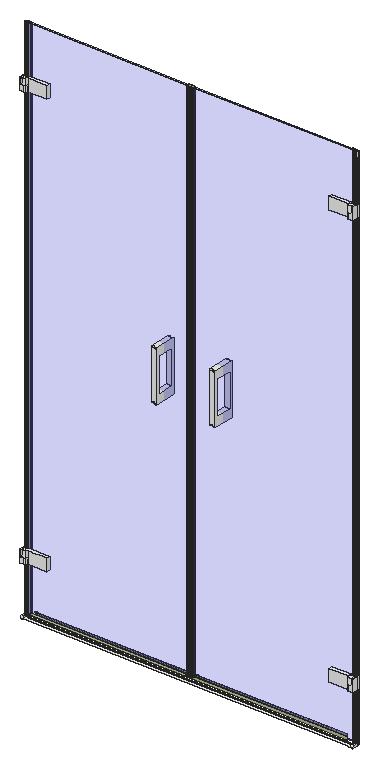
Revit family "PUR2", category Plumbing Fixtures, Revit 2015
Parameters (values of type "1250")
  Width fixed panel 2 = 0 mm
  Width fixed panel = 0 mm
  Seal = Seal
  Model = "PUR2"
  L1 = 1250 mm
  URL = "www.sanswiss.com"
  Type Comments = "PUR"
  Number of elements = 0
  Manufacturer = "SanSwiss"
  H = 2000 mm  # constant formula
  Glass = Glass
  Chrome = Chrome
  Aluminum = Aluminum
Types (7, lengths in mm): name | L1
  1000 | 1000
  800 | 800
  900 | 900
  750 | 750
  1100 | 1100
  1200 | 1200
  1250 | 1250
Reference planes
  plane 1: z = 0
  plane 2: x = -1102.662
  plane 3: x = 147.338
  plane 4: x = -477.662
  plane 5: z = 2000
Forms (mm)
  Extrusion 1, solid, material "Glass" <- "Glass"
    sketch origin (0, 0, 1816.828) x (0, -1, 0) y (1, 0, 0)
      loop
        line (-99.983, -487.109) -> (-99.983, -1086.062) -> (-91.983, -1086.062) -> (-91.983, -487.109) -> (-99.983, -487.109)
    from -1808.038 to 183.172
  Extrusion 2, solid, material "Seal" <- "Seal"
    sketch origin (-1107.24, 71.394, -4.21) x (0, 1, 0) y (0, 0, 1)
      loop
        line (37, 0.501) -> (35.481, 14.955)
        arc (35.481, 14.955) -> (35.762, 15.358) -> (36.252, 15.314) r 0.49
        line (36.252, 15.314) -> (38.541, 14.701) -> (38.5, 15.494)
        arc (38.5, 15.494) -> (38.327, 15.967) -> (37.919, 16.264) r 0.862
        line (37.919, 16.264) -> (32.1, 17.823) -> (31.337, 24.346)
        arc (31.337, 24.346) -> (30.793, 25.009) -> (29.964, 24.792) r 0.794
        line (29.964, 24.792) -> (31.219, 14.063)
        arc (31.219, 14.063) -> (30.907, 13.311) -> (30.156, 13) r 1.063
        line (30.156, 13) -> (17.622, 13)
        arc (17.622, 13) -> (16.976, 13.301) -> (16.792, 13.989) r 0.843
        line (16.792, 13.989) -> (18.046, 24.932)
        arc (18.046, 24.932) -> (17.173, 24.949) -> (16.668, 24.238) r 0.932
        line (16.668, 24.238) -> (15.512, 14.15)
        arc (15.512, 14.15) -> (16.075, 12.392) -> (17.764, 11.649) r 2.245
        line (17.764, 11.649) -> (30.224, 11.649)
        arc (30.224, 11.649) -> (31.727, 12.211) -> (32.493, 13.621) r 2.291
        line (32.493, 13.621) -> (32.397, 14.992)
        arc (32.397, 14.992) -> (32.478, 15.443) -> (32.907, 15.605) r 0.465
        line (32.907, 15.605) -> (33.879, 15.725)
        arc (33.879, 15.725) -> (34.29, 15.554) -> (34.46, 15.143) r 0.581
        line (34.46, 15.143) -> (36.01, 0.397)
        arc (36.01, 0.397) -> (36.557, -0.046) -> (37, 0.501) r 0.498
    from 32.313 to 1231.749
  Sweep 3, void
    path origin (-1155.857, 72.479, -3.891) x (1, 0, 0) y (0, 0, 1)
      loop
        line (1350.282, -6.043) -> (1350.282, 28.957)
    profile origin (194.424, 72.479, 7.566) x (-1, 0, 0) y (0, -1, 0)
      loop
        line (104.421, -42.503) -> (69.995, -8.077) -> (69.995, -42.503) -> (104.421, -42.503)
  Sweep 4, solid, material "Aluminum" <- "Aluminum"
    path origin (-1102.662, 0, 0) x (1, 0, 0) y (0, 0, 1)
      loop
        line (0, 0) -> (0, 2000)
    profile origin (-1102.662, 0, 1000) x (-1, 0, 0) y (0, -1, 0)
      loop
        line (0, -99.983) -> (0, -98.483) -> (-4.3, -98.483) -> (-4.3, -93.483) -> (0, -93.483) -> (0, -91.983) -> (-9, -91.983)
        arc (-9, -91.983) -> (-9.707, -92.276) -> (-10, -92.983) r 1
        line (-10, -92.983) -> (-10, -98.983)
        arc (-10, -98.983) -> (-9.707, -99.69) -> (-9, -99.983) r 1
        line (-9, -99.983) -> (0, -99.983)
  Sweep 5, solid, material "Seal" <- "Seal"
    path origin (0, 0, 0) x (1, 0, 0) y (0, 0, 1)
      loop
        line (-1102.662, 0) -> (-1102.662, 2000)
    profile origin (-1102.662, 0, 1000) x (-1, 0, 0) y (0, -1, 0)
      loop
        line (-7.016, -100.283) -> (-10, -100.283) -> (-10, -91.683) -> (-7.016, -91.683) -> (-5.046, -91.983)
        arc (-5.046, -91.983) -> (-5.101, -91.149) -> (-5.606, -90.483) r 1.451
        line (-5.606, -90.483) -> (-9.7, -90.483)
        arc (-9.7, -90.483) -> (-10.761, -90.922) -> (-11.2, -91.983) r 1.5
        line (-11.2, -91.983) -> (-11.2, -98.983) -> (-11.403, -100.426)
        arc (-11.403, -100.426) -> (-16.865, -101.565) -> (-22.258, -100.131) r 12.094
        arc (-22.258, -100.131) -> (-23.075, -100.377) -> (-22.829, -101.194) r 0.603
        arc (-22.829, -101.194) -> (-16.591, -102.965) -> (-10.311, -101.353) r 12.424
        arc (-10.311, -101.353) -> (-9.892, -101.467) -> (-9.458, -101.473) r 1.727
        line (-9.458, -101.473) -> (-5.865, -101.473)
        arc (-5.865, -101.473) -> (-5.12, -100.914) -> (-5.106, -99.983) r 1.057
        line (-5.106, -99.983) -> (-7.016, -100.283)
  Sweep 6, solid, material "Seal" <- "Seal"
    path origin (-1527.343, 308.346, -5.284) x (1, 0, 0) y (0, 0, 1)
      loop
        line (1076.329, 2005.284) -> (1076.329, 19.284)
    profile origin (-451.014, 308.346, 1007) x (0, -1, 0) y (1, 0, 0)
      loop
        arc (206.867, -39.075) -> (207.375, -39.924) -> (208.363, -39.879) r 0.964
        line (208.363, -39.879) -> (208.363, -38.271) -> (208.063, -37.446) -> (208.063, -35.048) -> (216.663, -35.048) -> (216.663, -37.446) -> (216.363, -38.271) -> (216.363, -39.879)
        arc (216.363, -39.879) -> (217.352, -39.924) -> (217.86, -39.075) r 0.964
        line (217.86, -39.075) -> (217.86, -35.348) -> (217.524, -34.425) -> (218.291, -32.782)
        arc (218.291, -32.782) -> (218.844, -30.956) -> (218.863, -29.048) r 6.738
        arc (218.863, -29.048) -> (218.08, -27.449) -> (216.49, -26.648) r 2.796
        line (216.49, -26.648) -> (208.237, -26.648)
        arc (208.237, -26.648) -> (206.647, -27.449) -> (205.863, -29.048) r 2.796
        arc (205.863, -29.048) -> (205.883, -30.956) -> (206.436, -32.782) r 6.738
        line (206.436, -32.782) -> (207.203, -34.425) -> (206.867, -35.348) -> (206.867, -39.075)
  Sweep 7, void
    path origin (-146.475, 71.572, -4.21) x (-1, 0, 0) y (0, 0, -1)
      loop
        line (1002.377, 1.043) -> (1002.377, -28.957)
    profile origin (-1148.852, 71.572, 9.747) x (-1, 0, 0) y (0, -1, 0)
      loop
        line (-93.904, -45.256) -> (-69.995, -45.256) -> (-69.995, -21.347) -> (-93.904, -45.256)
  Extrusion 8, solid, material "Glass" <- "Glass"
    sketch origin (-1303.228, 0, 1816.828) x (0, 1, 0) y (-1, 0, 0)
      loop
        line (99.983, -835.014) -> (91.983, -835.014) -> (91.983, -1433.967) -> (99.983, -1433.967) -> (99.983, -835.014)
    from -1808.038 to 183.172
  Sweep 9, solid, material "Aluminum" <- "Aluminum"
    path origin (-200.567, 0, 0) x (-1, 0, 0) y (0, 0, -1)
      loop
        line (-347.905, 0) -> (-347.905, -2000)
    profile origin (147.338, 0, 1000) x (-1, 0, 0) y (0, -1, 0)
      loop
        line (0, -99.983) -> (9, -99.983)
        arc (9, -99.983) -> (9.707, -99.69) -> (10, -98.983) r 1
        line (10, -98.983) -> (10, -92.983)
        arc (10, -92.983) -> (9.707, -92.276) -> (9, -91.983) r 1
        line (9, -91.983) -> (0, -91.983) -> (0, -93.483) -> (4.3, -93.483) -> (4.3, -98.483) -> (0, -98.483) -> (0, -99.983)
  Sweep 10, solid, material "Seal" <- "Seal"
    path origin (-1303.228, 0, 0) x (-1, 0, 0) y (0, 0, -1)
      loop
        line (-1450.567, 0) -> (-1450.567, -2000)
    profile origin (147.338, 0, 1000) x (-1, 0, 0) y (0, -1, 0)
      loop
        line (7.016, -100.283) -> (5.106, -99.983)
        arc (5.106, -99.983) -> (5.12, -100.914) -> (5.865, -101.473) r 1.057
        line (5.865, -101.473) -> (9.458, -101.473)
        arc (9.458, -101.473) -> (9.892, -101.467) -> (10.311, -101.353) r 1.727
        arc (10.311, -101.353) -> (16.591, -102.965) -> (22.829, -101.194) r 12.424
        arc (22.829, -101.194) -> (23.075, -100.377) -> (22.258, -100.131) r 0.603
        arc (22.258, -100.131) -> (16.865, -101.565) -> (11.403, -100.426) r 12.094
        line (11.403, -100.426) -> (11.2, -98.983) -> (11.2, -91.983)
        arc (11.2, -91.983) -> (10.761, -90.922) -> (9.7, -90.483) r 1.5
        line (9.7, -90.483) -> (5.606, -90.483)
        arc (5.606, -90.483) -> (5.101, -91.149) -> (5.046, -91.983) r 1.451
        line (5.046, -91.983) -> (7.016, -91.683) -> (10, -91.683) -> (10, -100.283) -> (7.016, -100.283)
  Sweep 11, solid, material "Seal" <- "Seal"
    path origin (224.115, 308.346, -5.284) x (-1, 0, 0) y (0, 0, -1)
      loop
        line (728.424, -2005.284) -> (728.424, -19.284)
    profile origin (-504.31, 308.346, 1007) x (0, -1, 0) y (1, 0, 0)
      loop
        line (206.867, 39.075) -> (206.867, 35.348) -> (207.203, 34.425) -> (206.436, 32.782)
        arc (206.436, 32.782) -> (205.883, 30.956) -> (205.863, 29.048) r 6.738
        arc (205.863, 29.048) -> (206.647, 27.449) -> (208.237, 26.648) r 2.796
        line (208.237, 26.648) -> (216.49, 26.648)
        arc (216.49, 26.648) -> (218.08, 27.449) -> (218.863, 29.048) r 2.796
        arc (218.863, 29.048) -> (218.844, 30.956) -> (218.291, 32.782) r 6.738
        line (218.291, 32.782) -> (217.524, 34.425) -> (217.86, 35.348) -> (217.86, 39.075)
        arc (217.86, 39.075) -> (217.352, 39.924) -> (216.363, 39.879) r 0.964
        line (216.363, 39.879) -> (216.363, 38.271) -> (216.663, 37.446) -> (216.663, 35.048) -> (208.063, 35.048) -> (208.063, 37.446) -> (208.363, 38.271) -> (208.363, 39.879)
        arc (208.363, 39.879) -> (207.375, 39.924) -> (206.867, 39.075) r 0.964
  Extrusion 12, void
    sketch origin (0, 0, 1000.61) x (-1, 0, 0) y (0, -1, 0)
      loop
        line (491.059, -103.494) -> (491.059, -81.983) -> (464.295, -81.983) -> (464.295, -103.494) -> (491.059, -103.494)
    from -986.997 to -968.103
  Extrusion 13, solid, material "Chrome" <- "Chrome"
    sketch origin (-820.058, 74.834, 0) x (0, 1, 0) y (0, 0, 1)
      loop
        arc (10.575, 4.517) -> (10.41, 4.915) -> (10.012, 5.08) r 0.563
        line (10.012, 5.08) -> (5.467, 5.08)
        arc (5.467, 5.08) -> (1.879, 3.591) -> (0.399, 0) r 5.068
        line (0.399, 0) -> (9.912, 0)
        arc (9.912, 0) -> (10.376, 0.149) -> (10.575, 0.594) r 0.598
        line (10.575, 0.594) -> (10.575, 4.517)
    from -272.444 to 957.236
  Extrusion 14, void
    sketch origin (0, 0, 1000.61) x (-1, 0, 0) y (0, -1, 0)
      loop
        line (-147.338, -99.983) -> (-143.738, -99.983) -> (-143.738, -91.983) -> (-147.338, -91.983) -> (-147.338, -99.983)
    from 776.483 to 821.667
  Extrusion 15, void
    sketch origin (0, 0, 1000.61) x (-1, 0, 0) y (0, -1, 0)
      loop
        line (-143.738, -99.983) -> (-143.738, -91.983) -> (-147.338, -91.983) -> (-147.338, -99.983) -> (-143.738, -99.983)
    from -813.517 to -768.333
  Extrusion 16, void
    sketch origin (0, 0, 1000.61) x (-1, 0, 0) y (0, -1, 0)
      loop
        line (1102.662, -99.983) -> (1102.662, -91.983) -> (1099.062, -91.983) -> (1099.062, -99.983) -> (1102.662, -99.983)
    from 776.483 to 821.667
  Extrusion 17, void
    sketch origin (0, 0, 1000.61) x (-1, 0, 0) y (0, -1, 0)
      loop
        line (1102.662, -99.983) -> (1102.662, -91.983) -> (1099.062, -91.983) -> (1099.062, -99.983) -> (1102.662, -99.983)
    from -813.517 to -768.333
Cuts and joins
  Sweep 3, Sweep 7, Extrusion 12 cuts Extrusion 2
  Extrusion 14, Extrusion 15 cuts Sweep 9
  Extrusion 16, Extrusion 17 cuts Sweep 4
Dimensions and locks
  equal spacing: plane 3, plane 4, plane 2
  "L1": plane 3 to plane 2
  locked: nested 2 to plane 4 at 119.448
  locked: plane 4 to nested 1 at 119.448
  locked: Extrusion 13 to plane 3 at 10.16
  aligned and locked: level to plane 1
  aligned and locked: plane 4 to Sweep 6
  aligned and locked: Sweep 11 to plane 4
  aligned and locked: Extrusion 2 to Sweep 10
  aligned and locked: plane 2 to nested 8
  aligned and locked: nested 7 to plane 3
  aligned and locked: plane 3 to nested 4
  aligned and locked: nested 5 to nested 4
  aligned and locked: Extrusion 14 to nested 4
  aligned and locked: nested 4 to Extrusion 14
  aligned and locked: Extrusion 15 to nested 5
  aligned and locked: plane 3 to nested 5
  aligned and locked: Extrusion 16 to nested 3
  aligned and locked: Extrusion 17 to nested 6
  aligned and locked: nested 6 to Extrusion 17
Automatic sketch dimensions
  level to Extrusion 2 sketch curve = 9.94 mm
  level to Extrusion 2 sketch curve = 20.027 mm
  Extrusion 2 sketch curve to Extrusion 2 sketch curve = 1.156 mm
  level to Extrusion 2 sketch curve = 9.779 mm
  Extrusion 2 sketch curve to Extrusion 2 sketch curve = 1.279 mm
  Extrusion 2 sketch curve to Extrusion 2 sketch curve = 0.924 mm
  Extrusion 2 sketch curve to Extrusion 2 sketch curve = 0.83 mm
  Extrusion 2 sketch curve to Extrusion 2 sketch curve = 0.122 mm
  Extrusion 2 sketch curve to Extrusion 2 sketch curve = 0.143 mm
  level to Extrusion 2 sketch curve = 20.721 mm
  Extrusion 2 sketch curve to Extrusion 2 sketch curve = 0.453 mm
  level to Extrusion 2 sketch curve = 20.582 mm
  Extrusion 2 sketch curve to Extrusion 2 sketch curve = 11.919 mm
  Extrusion 2 sketch curve to Extrusion 2 sketch curve = 0.192 mm
  Extrusion 2 sketch curve to Extrusion 2 sketch curve = 0.068 mm
  Extrusion 2 sketch curve to Extrusion 2 sketch curve = 0.584 mm
  level to Extrusion 2 sketch curve = 9.852 mm
  Extrusion 2 sketch curve to Extrusion 2 sketch curve = 0.995 mm
  level to Extrusion 2 sketch curve = 20.136 mm
  Extrusion 2 sketch curve to Extrusion 2 sketch curve = 0.789 mm
  level to Extrusion 2 sketch curve = 13.613 mm
  Extrusion 2 sketch curve to Extrusion 2 sketch curve = 0.881 mm
  level to Extrusion 2 sketch curve = 10.781 mm
  Extrusion 2 sketch curve to Extrusion 2 sketch curve = 1.178 mm
  level to Extrusion 2 sketch curve = 9.411 mm
  Extrusion 2 sketch curve to Extrusion 2 sketch curve = 1.274 mm
  Extrusion 2 sketch curve to Extrusion 2 sketch curve = 0.439 mm
  level to Extrusion 2 sketch curve = 11.395 mm
  Extrusion 2 sketch curve to Extrusion 2 sketch curve = 0.072 mm
  Extrusion 2 sketch curve to Extrusion 2 sketch curve = 1.044 mm
  level to Extrusion 2 sketch curve = 10.933 mm
  Extrusion 2 sketch curve to Extrusion 2 sketch curve = 0.581 mm
  level to Extrusion 2 sketch curve = 10.744 mm
  Extrusion 2 sketch curve to Extrusion 2 sketch curve = 1.021 mm
  Extrusion 2 sketch curve to Extrusion 2 sketch curve = 0.488 mm
  Extrusion 2 sketch curve to level = 3.813 mm
  Extrusion 2 sketch curve to Extrusion 2 sketch curve = 5.787 mm
  level to Extrusion 2 sketch curve = 11.104 mm
  Extrusion 2 sketch curve to Extrusion 2 sketch curve = 0.283 mm
  Extrusion 2 sketch curve to Extrusion 2 sketch curve = 0.495 mm  (x2)
  Extrusion 2 sketch curve to level = 3.709 mm
  Extrusion 2 sketch curve to Extrusion 2 sketch curve = 1.386 mm
  level to Extrusion 2 sketch curve = 12.054 mm
  Extrusion 2 sketch curve to Extrusion 2 sketch curve = 0.281 mm
  level to Extrusion 2 sketch curve = 11.283 mm
  Extrusion 2 sketch curve to Extrusion 2 sketch curve = 0.861 mm
  level to Extrusion 2 sketch curve = 10.491 mm
  Extrusion 2 sketch curve to Extrusion 2 sketch curve = 0.042 mm
  Extrusion 2 sketch curve to Extrusion 2 sketch curve = 1.351 mm
  Sweep 4 sketch curve to plane 2 = 0 mm
  Sweep 4 sketch curve to level = 0 mm
  Sweep 4 sketch curve to plane 5 = 0 mm
  Sweep 4 sketch curve to profile plane = 0 mm  (x2)
  profile plane to Sweep 4 sketch curve = 4.3 mm
  Sweep 4 sketch curve to Sweep 4 sketch curve = 4.7 mm  (x2)
  Sweep 4 sketch curve to Sweep 4 sketch curve = 1 mm
  Sweep 4 sketch curve to profile plane = 99.983 mm
  Sweep 4 sketch curve to Sweep 4 sketch curve = 1.5 mm
  Sweep 4 sketch curve to Sweep 4 sketch curve = 5 mm
  Sweep 4 sketch curve to Sweep 4 sketch curve = 0.5 mm
  Sweep 5 sketch curve to plane 2 = 0 mm
  Sweep 5 sketch curve to level = 0 mm
  Sweep 5 sketch curve to plane 5 = 0 mm
  profile plane to Sweep 5 sketch curve = 22.543 mm
  Sweep 5 sketch curve to Sweep 5 sketch curve = 6.007 mm
  Sweep 5 sketch curve to Sweep 5 sketch curve = 0.102 mm
  Sweep 5 sketch curve to Sweep 5 sketch curve = 5.031 mm
  Sweep 5 sketch curve to Sweep 5 sketch curve = 0.203 mm
  Sweep 5 sketch curve to Sweep 5 sketch curve = 1.403 mm
  Sweep 5 sketch curve to Sweep 5 sketch curve = 0.3 mm  (x2)
  Sweep 5 sketch curve to Sweep 5 sketch curve = 0.348 mm
  Sweep 5 sketch curve to Sweep 5 sketch curve = 0.542 mm
  Sweep 5 sketch curve to Sweep 5 sketch curve = 2.636 mm
  Sweep 5 sketch curve to Sweep 5 sketch curve = 2.684 mm
  Sweep 5 sketch curve to Sweep 5 sketch curve = 0.556 mm
  Sweep 5 sketch curve to Sweep 5 sketch curve = 0.954 mm
  Sweep 5 sketch curve to Sweep 5 sketch curve = 0.196 mm
  Sweep 5 sketch curve to Sweep 5 sketch curve = 0.853 mm
  Sweep 5 sketch curve to Sweep 5 sketch curve = 0.956 mm
  Sweep 5 sketch curve to Sweep 5 sketch curve = 1.413 mm
  Sweep 5 sketch curve to profile plane = 101.473 mm
  Sweep 5 sketch curve to Sweep 5 sketch curve = 0.81 mm
  Sweep 5 sketch curve to Sweep 5 sketch curve = 1.038 mm
  Sweep 5 sketch curve to Sweep 5 sketch curve = 1.046 mm
  Sweep 5 sketch curve to Sweep 5 sketch curve = 1.19 mm
  Sweep 5 sketch curve to Sweep 5 sketch curve = 0.526 mm
  Sweep 5 sketch curve to Sweep 5 sketch curve = 1.443 mm
  Sweep 5 sketch curve to Sweep 5 sketch curve = 7 mm
  Sweep 5 sketch curve to Sweep 5 sketch curve = 1.5 mm
  Sweep 5 sketch curve to Sweep 5 sketch curve = 1.44 mm
  Sweep 5 sketch curve to Sweep 5 sketch curve = 1.067 mm
  Sweep 5 sketch curve to Sweep 5 sketch curve = 0.285 mm
  Sweep 5 sketch curve to Sweep 5 sketch curve = 0 mm
  Sweep 7 sketch curve to profile plane = 45.256 mm
  profile plane to Sweep 7 sketch curve = 93.904 mm
  Sweep 7 sketch curve to Sweep 7 sketch curve = 23.909 mm
  Sweep 7 sketch curve to profile plane = 21.347 mm
  Sweep 7 sketch curve to plane 2 = 46.19 mm
  level to Sweep 7 sketch curve = 24.747 mm
  Sweep 7 sketch curve to level = 5.253 mm
  plane 2 to Extrusion 1 sketch curve = 16.6 mm
  Extrusion 1 sketch curve to Extrusion 1 sketch curve = 8 mm
  Extrusion 1 sketch curve to plane 4 = 9.448 mm
  Sweep 3 sketch curve to plane 3 = 47.086 mm
  Sweep 3 sketch curve to level = 9.934 mm
  level to Sweep 3 sketch curve = 25.066 mm
  Sweep 3 sketch curve to profile plane = 8.077 mm
  Sweep 3 sketch curve to profile plane = 69.995 mm
  Sweep 3 sketch curve to Sweep 3 sketch curve = 34.426 mm
  Sweep 3 sketch curve to profile plane = 42.503 mm
  Sweep 6 sketch curve to plane 5 = 0 mm
  plane 4 to Sweep 6 sketch curve = 26.648 mm
  level to Sweep 6 sketch curve = 14 mm
  profile plane to Sweep 6 sketch curve = 32.782 mm  (x2)
  profile plane to Sweep 6 sketch curve = 206.436 mm
  Sweep 6 sketch curve to Sweep 6 sketch curve = 0.431 mm
  profile plane to Sweep 6 sketch curve = 34.425 mm  (x2)
  Sweep 6 sketch curve to Sweep 6 sketch curve = 0.336 mm  (x2)
  Sweep 6 sketch curve to Sweep 6 sketch curve = 0.964 mm
  Sweep 6 sketch curve to Sweep 6 sketch curve = 0.861 mm  (x2)
  Sweep 6 sketch curve to Sweep 6 sketch curve = 1.801 mm
  Sweep 6 sketch curve to Sweep 6 sketch curve = 0.532 mm  (x2)
  Sweep 6 sketch curve to Sweep 6 sketch curve = 0.398 mm  (x2)
  Sweep 6 sketch curve to Sweep 6 sketch curve = 3.548 mm  (x2)
  Sweep 6 sketch curve to Sweep 6 sketch curve = 0.36 mm
  Sweep 6 sketch curve to Sweep 6 sketch curve = 8 mm
  Sweep 6 sketch curve to Sweep 6 sketch curve = 0.3 mm
  profile plane to Sweep 6 sketch curve = 35.348 mm
  Sweep 6 sketch curve to Sweep 6 sketch curve = 0.766 mm
  Sweep 6 sketch curve to Sweep 6 sketch curve = 0.923 mm
  Sweep 6 sketch curve to Sweep 6 sketch curve = 2.099 mm  (x2)
  Sweep 6 sketch curve to Sweep 6 sketch curve = 0.824 mm  (x2)
  Sweep 6 sketch curve to Sweep 6 sketch curve = 0.804 mm  (x2)
  Sweep 6 sketch curve to Sweep 6 sketch curve = 0.623 mm
  Sweep 6 sketch curve to Sweep 6 sketch curve = 2.848 mm
  Sweep 6 sketch curve to Sweep 6 sketch curve = 0 mm
  Sweep 6 sketch curve to Sweep 6 sketch curve = 0.518 mm  (x2)
  Sweep 6 sketch curve to Sweep 6 sketch curve = 2.768 mm
  plane 4 to Extrusion 8 sketch curve = 9.448 mm
  Extrusion 8 sketch curve to Extrusion 8 sketch curve = 8 mm
  plane 3 to Extrusion 8 sketch curve = 16.6 mm
  plane 3 to Sweep 9 sketch curve = 0 mm
  Sweep 9 sketch curve to plane 5 = 0 mm
  Sweep 9 sketch curve to level = 0 mm
  Sweep 9 sketch curve to profile plane = 0 mm  (x2)
  Sweep 9 sketch curve to Sweep 9 sketch curve = 4.3 mm
  Sweep 9 sketch curve to Sweep 9 sketch curve = 4.7 mm  (x2)
  Sweep 9 sketch curve to Sweep 9 sketch curve = 1 mm
  Sweep 9 sketch curve to profile plane = 99.983 mm
  Sweep 9 sketch curve to Sweep 9 sketch curve = 1.5 mm
  Sweep 9 sketch curve to Sweep 9 sketch curve = 5 mm
  Sweep 9 sketch curve to Sweep 9 sketch curve = 0.5 mm
  plane 3 to Sweep 10 sketch curve = 0 mm
  Sweep 10 sketch curve to plane 5 = 0 mm
  Sweep 10 sketch curve to level = 0 mm
  Sweep 10 sketch curve to profile plane = 5.046 mm
  Sweep 10 sketch curve to profile plane = 5.106 mm
  Sweep 10 sketch curve to Sweep 10 sketch curve = 0.56 mm
  Sweep 10 sketch curve to Sweep 10 sketch curve = 0.759 mm
  Sweep 10 sketch curve to Sweep 10 sketch curve = 0.956 mm
  Sweep 10 sketch curve to Sweep 10 sketch curve = 1.413 mm
  Sweep 10 sketch curve to Sweep 10 sketch curve = 0.556 mm
  Sweep 10 sketch curve to Sweep 10 sketch curve = 0.954 mm
  Sweep 10 sketch curve to Sweep 10 sketch curve = 2.442 mm
  Sweep 10 sketch curve to Sweep 10 sketch curve = 0.194 mm
  Sweep 10 sketch curve to Sweep 10 sketch curve = 2.684 mm
  Sweep 10 sketch curve to Sweep 10 sketch curve = 0.348 mm
  Sweep 10 sketch curve to Sweep 10 sketch curve = 1.2 mm
  Sweep 10 sketch curve to Sweep 10 sketch curve = 1.403 mm
  Sweep 10 sketch curve to Sweep 10 sketch curve = 5.234 mm
  Sweep 10 sketch curve to Sweep 10 sketch curve = 0.102 mm
  Sweep 10 sketch curve to Sweep 10 sketch curve = 11.14 mm
  Sweep 10 sketch curve to profile plane = 101.473 mm
  Sweep 10 sketch curve to Sweep 10 sketch curve = 0.81 mm
  Sweep 10 sketch curve to Sweep 10 sketch curve = 1.038 mm
  Sweep 10 sketch curve to Sweep 10 sketch curve = 1.046 mm
  Sweep 10 sketch curve to Sweep 10 sketch curve = 1.19 mm
  Sweep 10 sketch curve to Sweep 10 sketch curve = 0.526 mm
  Sweep 10 sketch curve to Sweep 10 sketch curve = 1.443 mm
  Sweep 10 sketch curve to Sweep 10 sketch curve = 7 mm
  Sweep 10 sketch curve to Sweep 10 sketch curve = 1.5 mm
  Sweep 10 sketch curve to Sweep 10 sketch curve = 0.3 mm
  Sweep 10 sketch curve to Sweep 10 sketch curve = 1.44 mm
  Sweep 10 sketch curve to Sweep 10 sketch curve = 1.067 mm
  Sweep 10 sketch curve to Sweep 10 sketch curve = 0.853 mm
  Sweep 10 sketch curve to Sweep 10 sketch curve = 0 mm
  Sweep 11 sketch curve to plane 5 = 0 mm
  Sweep 11 sketch curve to plane 4 = 26.648 mm
  level to Sweep 11 sketch curve = 14 mm
  Sweep 11 sketch curve to profile plane = 32.782 mm  (x2)
  profile plane to Sweep 11 sketch curve = 206.436 mm
  Sweep 11 sketch curve to Sweep 11 sketch curve = 0.431 mm
  Sweep 11 sketch curve to profile plane = 34.425 mm  (x2)
  Sweep 11 sketch curve to Sweep 11 sketch curve = 0.336 mm  (x2)
  Sweep 11 sketch curve to Sweep 11 sketch curve = 0.964 mm
  Sweep 11 sketch curve to Sweep 11 sketch curve = 0.861 mm  (x2)
  Sweep 11 sketch curve to Sweep 11 sketch curve = 1.801 mm
  Sweep 11 sketch curve to Sweep 11 sketch curve = 0.532 mm  (x2)
  Sweep 11 sketch curve to Sweep 11 sketch curve = 0.398 mm  (x2)
  Sweep 11 sketch curve to Sweep 11 sketch curve = 3.548 mm  (x2)
  Sweep 11 sketch curve to Sweep 11 sketch curve = 0.36 mm
  Sweep 11 sketch curve to Sweep 11 sketch curve = 8 mm
  Sweep 11 sketch curve to Sweep 11 sketch curve = 0.3 mm
  Sweep 11 sketch curve to profile plane = 35.348 mm
  Sweep 11 sketch curve to Sweep 11 sketch curve = 0.766 mm
  Sweep 11 sketch curve to Sweep 11 sketch curve = 2.848 mm
  Sweep 11 sketch curve to Sweep 11 sketch curve = 0 mm
  Sweep 11 sketch curve to Sweep 11 sketch curve = 0.518 mm  (x2)
  Sweep 11 sketch curve to Sweep 11 sketch curve = 2.768 mm
  Sweep 11 sketch curve to Sweep 11 sketch curve = 0.623 mm
  Sweep 11 sketch curve to Sweep 11 sketch curve = 0.923 mm
  Sweep 11 sketch curve to Sweep 11 sketch curve = 2.399 mm  (x2)
  Sweep 11 sketch curve to Sweep 11 sketch curve = 0.824 mm  (x2)
  Sweep 11 sketch curve to Sweep 11 sketch curve = 0.804 mm  (x2)
  plane 4 to Extrusion 12 sketch curve = 13.366 mm
  Extrusion 12 sketch curve to plane 4 = 13.397 mm
  Extrusion 12 sketch curve to Extrusion 12 sketch curve = 21.511 mm
  Extrusion 14 sketch curve to plane 3 = 0 mm
  Extrusion 14 sketch curve to Extrusion 14 sketch curve = 3.6 mm
  Extrusion 14 sketch curve to Extrusion 14 sketch curve = 8 mm
  Extrusion 15 sketch curve to plane 3 = 0 mm
  Extrusion 15 sketch curve to Extrusion 15 sketch curve = 3.6 mm
  Extrusion 15 sketch curve to Extrusion 15 sketch curve = 8 mm
  Extrusion 16 sketch curve to plane 2 = 0 mm
  plane 2 to Extrusion 16 sketch curve = 3.6 mm
  Extrusion 16 sketch curve to Extrusion 16 sketch curve = 8 mm
  Extrusion 17 sketch curve to plane 2 = 0 mm
  plane 2 to Extrusion 17 sketch curve = 3.6 mm
  Extrusion 17 sketch curve to Extrusion 17 sketch curve = 8 mm
  Extrusion 13 sketch curve to level = 0 mm
  Extrusion 13 sketch curve to Extrusion 13 sketch curve = 0.035 mm
  level to Extrusion 13 sketch curve = 0.594 mm
  Extrusion 13 sketch curve to Extrusion 13 sketch curve = 0.598 mm
  level to Extrusion 13 sketch curve = 0.012 mm
  level to Extrusion 13 sketch curve = 5.08 mm
  Extrusion 13 sketch curve to Extrusion 13 sketch curve = 4.51 mm
Nested families
  nested 1: "PUR_doorknob" at (-623.709, 95.884, 0), type "PUR_doorknob"
  nested 2: "PUR_doorknob" at (-331.614, 95.884, 0) x (-1, 0, 0) z (0, 0, 1), type "PUR_doorknob"
  nested 3: "Ł1" at (-452.671, 0, 1667.677), type "700x2000"
  nested 4: "Ł1" at (-502.653, 0, 1667.677) x (-1, 0, 0) z (0, 0, 1), type "700x2000"
  nested 5: "Ł1" at (-502.653, 0, 77.677) x (-1, 0, 0) z (0, 0, 1), type "700x2000"
  nested 6: "Ł1" at (-452.671, 0, 77.677), type "700x2000"
  nested 7: "Ł2" at (407.178, 75.234, 0), type "700x2000 2"
  nested 8: "Ł2" at (-832.662, 75.234, 0), type "700x2000 2"
Definition of nested family "PUR_doorknob"
  Parameters (values of type "PUR_doorknob")
    Chrome = none
  Reference planes
    plane 1 "Center (Front/Back)": y = 0
    plane 2: z = 0
    plane 3 "Center (Left/Right)": x = 0
    plane 4 "tył": y = 44.476
    plane 5 "przód": y = -13.458
    plane 6 "klamka": z = 1037.624
  Forms (mm)
    Extrusion 1, solid, material <- "Chrome"
      sketch origin (0, 0, 0) x (0, 1, 0) y (0, 0, 1)
        loop
          arc (-37.401, 1100) -> (-38.815, 1099.414) -> (-39.401, 1098) r 2
          line (-39.401, 1098) -> (-39.401, 912)
          arc (-39.401, 912) -> (-38.815, 910.586) -> (-37.401, 910) r 2
          line (-37.401, 910) -> (37.599, 910)
          arc (37.599, 910) -> (39.013, 910.586) -> (39.599, 912) r 2
          line (39.599, 912) -> (39.599, 1098)
          arc (39.599, 1098) -> (39.013, 1099.414) -> (37.599, 1100) r 2
          line (37.599, 1100) -> (-37.401, 1100)
        loop
          line (-30.314, 1068) -> (-30.314, 942)
          arc (-30.314, 942) -> (-29.929, 940.779) -> (-28.913, 940) r 2.128
          line (-28.913, 940) -> (33.39, 940) -> (33.39, 1070) -> (-28.913, 1070)
          arc (-28.913, 1070) -> (-29.929, 1069.221) -> (-30.314, 1068) r 2.128
      from 26.6 to 46.6
  Dimensions and locks
    aligned and locked: level to plane 2
Definition of nested family "Ł1"
  Parameters (values of type "700x2000")
    Width fixed panel 2 = 0 mm
    Width fixed panel = 0 mm
    Model = "SOL1"
    Chrome = none
    B = 470 mm
    A+B = A + B  # 1200 mm
    A = 730 mm
    URL = "www.sanswiss.com"
    Type Comments = "SOLINO"
    Number of elements = 0
    Manufacturer = "SanSwiss"
    H = 2000 mm  # constant formula
    Glass = none
  Reference planes
    plane 1 "Center (Front/Back)": y = 0
    plane 2: z = 0
    plane 3 "Center (Left/Right)": x = 0
    plane 4: x = 730
    plane 5: z = 2000
    plane 6 "ucięcie": z = 11.8
    plane 7: z = 4.446
    plane 8: z = 1995.447
    plane 9: z = 16.178
    plane 10: x = -470
    plane 11: x = 721.532
  Forms (mm)
    Sweep 1, solid, material <- "Chrome"
      path origin (-635.692, 82.783, -1702.633) x (1, 0, 0) y (0, 0, 1)
        loop
          line (0, 1812.713) -> (0, 1857.232)
      profile origin (-635.692, 82.783, 132.34) x (-1, 0, 0) y (0, -1, 0)
        loop
          line (11.104, 11.8) -> (-0.899, 11.8)
          arc (-0.899, 11.8) -> (-6.386, 8.306) -> (-8.522, 2.161) r 9.905
          arc (-8.522, 2.161) -> (-6.073, -3.751) -> (-0.161, -6.2) r 8.361
          line (-0.161, -6.2) -> (10.699, -6.2) -> (10.699, -17.2) -> (12.246, -17.2) -> (14.299, -17.2) -> (14.299, 11.8) -> (11.104, 11.8)
    Extrusion 2, void
      sketch origin (-692.783, 61.783, -1645.634) x (1, 0, 0) y (0, 0, 1)
        loop
          line (46.392, 1800.897) -> (46.392, 1777.5) -> (66.812, 1777.5) -> (66.812, 1800.897) -> (46.392, 1800.897)
      from -49.545 to 25.251
    Extrusion 3, void
      sketch origin (-704.322, -21.547, -1453.123) x (1, 0, 0) y (0, 0, 1)
        loop
          line (57.931, 1585.722) -> (57.931, 1562.539) -> (77.271, 1562.539) -> (77.271, 1585.722) -> (57.931, 1585.722)
      from -113.53 to -87.375
    Sweep 4, solid, material <- "Chrome"
      path origin (-636.772, 92.73, -1703.297) x (1, 0, 0) y (0, 0, 1)
        loop
          line (0, 1857.896) -> (0, 1812.713)
      profile origin (-636.772, 92.73, 132.008) x (0, -1, 0) y (1, 0, 0)
        loop
          line (12.547, 82.381) -> (0.747, 82.381) -> (0.747, 11.753) -> (1.747, 11.753) -> (1.747, 9.721) -> (3.747, 9.721) -> (3.747, 0)
          arc (3.747, 0) -> (18.926, -6.791) -> (13.211, 8.825) r 9.026
          arc (13.211, 8.825) -> (12.708, 9.147) -> (12.547, 9.721) r 0.838
          line (12.547, 9.721) -> (12.547, 82.381)
  Cuts and joins
    Extrusion 3 cuts Sweep 4
    Extrusion 2 cuts Sweep 1
  Dimensions and locks
    "A": plane 3 "Center (Left/Right)" to plane 4
    "H": plane 5 to level
    "B": plane 10 to plane 3 "Center (Left/Right)"
    locked: plane 11 to plane 4 at 8.468
    aligned and locked: level to plane 2
    aligned and locked: Extrusion 3 to Sweep 4
  Automatic sketch dimensions
    Sweep 1 sketch curve to plane 10 = 165.692 mm
    plane 9 to Sweep 1 sketch curve = 93.902 mm
    Sweep 1 sketch curve to Sweep 1 sketch curve = 44.519 mm
    profile plane to Sweep 1 sketch curve = 0.899 mm
    profile plane to Sweep 1 sketch curve = 0.161 mm
    Sweep 1 sketch curve to profile plane = 1.383 mm
    Sweep 1 sketch curve to profile plane = 6.2 mm
    Sweep 1 sketch curve to profile plane = 10.699 mm
    Sweep 1 sketch curve to profile plane = 11.104 mm
    Sweep 1 sketch curve to Sweep 1 sketch curve = 1.547 mm
    Sweep 1 sketch curve to Sweep 1 sketch curve = 3.195 mm
    Sweep 1 sketch curve to Sweep 1 sketch curve = 11 mm
    profile plane to Sweep 1 sketch curve = 2.161 mm
    profile plane to Sweep 1 sketch curve = 11.8 mm
    Extrusion 2 sketch curve to plane 10 = 176.391 mm
    Extrusion 2 sketch curve to Extrusion 2 sketch curve = 20.42 mm
    plane 9 to Extrusion 2 sketch curve = 115.689 mm
    Extrusion 2 sketch curve to Extrusion 2 sketch curve = 23.397 mm
    Extrusion 3 sketch curve to plane 10 = 176.391 mm
    Extrusion 3 sketch curve to Extrusion 3 sketch curve = 19.34 mm
    plane 9 to Extrusion 3 sketch curve = 93.238 mm
    Extrusion 3 sketch curve to Extrusion 3 sketch curve = 23.183 mm
    Sweep 4 sketch curve to plane 10 = 166.772 mm
    plane 9 to Sweep 4 sketch curve = 93.238 mm
    Sweep 4 sketch curve to Sweep 4 sketch curve = 45.183 mm
    Sweep 4 sketch curve to profile plane = 0 mm
    profile plane to Sweep 4 sketch curve = 0.747 mm
    profile plane to Sweep 4 sketch curve = 1.747 mm
    profile plane to Sweep 4 sketch curve = 3.747 mm
    Sweep 4 sketch curve to Sweep 4 sketch curve = 8.8 mm
    profile plane to Sweep 4 sketch curve = 0.19 mm
    Sweep 4 sketch curve to Sweep 4 sketch curve = 9.024 mm
    Sweep 4 sketch curve to Sweep 4 sketch curve = 0.835 mm
    Sweep 4 sketch curve to profile plane = 9.646 mm
    Sweep 4 sketch curve to profile plane = 9.721 mm
    Sweep 4 sketch curve to Sweep 4 sketch curve = 0.075 mm
    Sweep 4 sketch curve to Sweep 4 sketch curve = 2.032 mm
    Sweep 4 sketch curve to Sweep 4 sketch curve = 70.628 mm
Definition of nested family "Ł2"
  Parameters (values of type "700x2000 2")
    Width fixed panel 2 = 0 mm
    Width fixed panel = 0 mm
    Model = "SOL1"
    B = 470 mm
    A+B = A + B  # 1200 mm
    A = 730 mm
    URL = "www.sanswiss.com"
    Type Comments = "SOLINO"
    Number of elements = 0
    Chrome = none
    Manufacturer = "SanSwiss"
    H = 2000 mm  # constant formula
    Glass = none
  Reference planes
    plane 1 "Center (Front/Back)": y = 0
    plane 2: z = 0
    plane 3 "Center (Left/Right)": x = 0
    plane 4: x = 730
    plane 5: z = 2000
    plane 6 "ucięcie": z = 11.8
    plane 7: z = 4.446
    plane 8: z = 1995.447
    plane 9: z = 16.178
    plane 10: x = -470
    plane 11: x = 721.532
  Forms (mm)
    Extrusion 1, solid, material <- "Chrome"
      sketch origin (0, 0, 0) x (0, 1, 0) y (0, 0, 1)
        loop
          line (15.249, 6.147) -> (5.191, 6.147)
          arc (5.191, 6.147) -> (0.664, 4.272) -> (-1.21, -0.254) r 6.401
          line (-1.21, -0.254) -> (15.249, -0.254) -> (15.249, 6.147)
      from -270 to -259.84
  Dimensions and locks
    "A": plane 3 "Center (Left/Right)" to plane 4
    "H": plane 5 to level
    "B": plane 10 to plane 3 "Center (Left/Right)"
    locked: plane 11 to plane 4 at 8.468
    aligned and locked: level to plane 2
  Automatic sketch dimensions
    Extrusion 1 sketch curve to level = 0.254 mm
    Extrusion 1 sketch curve to Extrusion 1 sketch curve = 10.058 mm
    Extrusion 1 sketch curve to plane 7 = 1.7 mm
    plane 1 "Center (Front/Back)" to Extrusion 1 sketch curve = 1.21 mm
